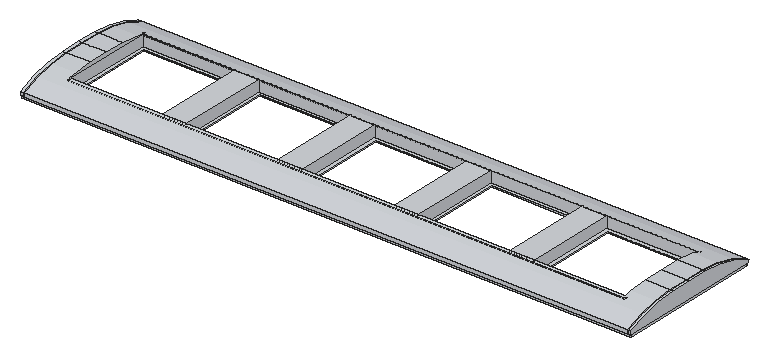
Revit family "Gira_0215768", category Electrical Fixtures, host Face, Revit 2017
Family settings
  Host = Face
  Maintain Annotation Orientation = No
  Round Connector Dimension = Use Diameter
  Part Type = Normal
  Cut with Voids When Loaded = No
  Shared = No
  Room Calculation Point = No
Parameters (values of type "Cov.fr. 5-g interm.fr. AN Gira Event Clear brown")
  With mounting grid = "No"
  With hinged lid = "No"
  URL = "http://katalog.gira.de/en/datenblatt.html?artikelnr=0215768"
  Type of fastening = "Clamp mounting"
  Transparent = "No"
  Surface protection = "Other"
  Surface finishing = "Glossy"
  Suitable for wall duct = "No"
  Suitable for flush-mounted installation = "Yes"
  Suitable for floor box = "No"
  Suitable for built-in installation = "No"
  Number of units vertical = "5"
  Number of units horizontal = "5"
  Number of units = "5"
  Name = "Cov.fr. 5-g interm.fr. AN Gira Event Clear brown"
  Mounting direction = "Horizontal and vertical"
  Material quality = "Thermoplastic"
  Material = "Plastic"
  Manufacturer URL = "https://www.gira.de/"
  Manufacturer = "Gira"
  Label space/information surface = "No"
  Keynote = ""
  HeinzeBIM = "https://bimportal.heinze.de/bim/cov-fr-5-g-interm-fr-an-gira-event-clear-brown/4d7ad605750c2ad1aae1ac3d19d8190cbca55f88"
  Halogen free = "Yes"
  HAN = "0215768"
  GTIN = "4010337069485"
  Description = "Cov.fr.5g i.fr.AN EvCl BN,Gira Event Clear cover frame,brown with anthracite intermediate frame,5-gang,Features:,- Shatter-proof."
  Degree of protection (IP) = "IP20"
  Default Elevation = 1219.2 mm
  Data sheet (1) = "https://katalog.gira.de/en/download.html?artikelnr=0215768"
  Colour = "Brown"
  Category = "Cover frame for domestic switching devices"
  BIM (1) = "https://media.stage.bim.site/public/gira/36a6b08/Event_Rahmen_5fach.rfa"
  Available = "No"
Reference planes
  plane 1 "Center (Front/Back)": y = 0
  plane 2: z = 0
  plane 3 "Center (Left/Right)": x = 0
Forms (mm)
  Extrusion 1, solid, detail levels fine
    sketch origin (0, 0, 0.05) x (0, 1, 0) y (0, 0, 1)
      loop
        arc (12.445, 9.683) -> (6.223, 9.833) -> (0, 9.85) r 291.636
        arc (0, 9.85) -> (-6.223, 9.833) -> (-12.445, 9.683) r 291.636
        arc (-12.445, 9.683) -> (-29.14, 7.482) -> (-45, 1.823) r 79.728
        line (-45, 1.823) -> (-45, -0.05) -> (-42.086, -0.05)
        arc (-42.086, -0.05) -> (-21.385, 5.559) -> (0, 7.206) r 114.424
        arc (0, 7.206) -> (21.385, 5.559) -> (42.086, -0.05) r 114.424
        line (42.086, -0.05) -> (45, -0.05) -> (45, 1.823)
        arc (45, 1.823) -> (29.14, 7.482) -> (12.445, 9.683) r 79.728
    from -185.578 to 185.593
  Extrusion 2, void, detail levels fine
    sketch origin (0, 0, 0) x (1, 0, 0) y (0, 1, 0)
      loop
        line (170.607, 28) -> (-170.593, 28) -> (-170.593, -28) -> (170.607, -28) -> (170.607, 28)
    from 0.724 to 11
  Extrusion 3, solid, detail levels coarse
    sketch origin (0, 0, 0) x (1, 0, 0) y (0, 1, 0)
      loop
        line (-187.578, 45) -> (-187.578, -45) -> (187.593, -45) -> (187.593, 45) -> (-187.578, 45)
    from -1.5 to 9.9
  Extrusion 4, solid, detail levels medium
    sketch origin (0, 0, 0.05) x (0, 1, 0) y (0, 0, 1)
      loop
        arc (12.445, 9.683) -> (6.223, 9.833) -> (0, 9.85) r 291.636
        arc (0, 9.85) -> (-6.223, 9.833) -> (-12.445, 9.683) r 291.636
        arc (-12.445, 9.683) -> (-29.14, 7.482) -> (-45, 1.823) r 79.728
        line (-45, 1.823) -> (-45, -0.05) -> (45, -0.05) -> (45, 1.823)
        arc (45, 1.823) -> (29.14, 7.482) -> (12.445, 9.683) r 79.728
    from -187.578 to 187.593
  Extrusion 5, solid, detail levels fine
    sketch origin (-142.578, 0, -1.5) x (0, 1, 0) y (0, 0, -1)
      loop
        line (45, -3.373) -> (45, -1.5) -> (-45, -1.5) -> (-45, -3.373)
        arc (-45, -3.373) -> (-29.14, -9.032) -> (-12.445, -11.233) r 79.728
        arc (-12.445, -11.233) -> (-6.223, -11.383) -> (0, -11.4) r 291.636
        arc (0, -11.4) -> (6.223, -11.383) -> (12.445, -11.233) r 291.636
        arc (12.445, -11.233) -> (29.14, -9.032) -> (45, -3.373) r 79.728
    from 43 to 45
  Extrusion 6, solid, detail levels fine
    sketch origin (0, 0, 0) x (1, 0, 0) y (0, 1, 0)
      loop
        line (-168.493, 25.7) -> (-168.493, -25.7) -> (-116.693, -25.7) -> (-116.693, 25.7) -> (-168.493, 25.7)
      loop
        line (-45.398, -25.7) -> (-45.398, 25.7) -> (-97.198, 25.7) -> (-97.198, -25.7) -> (-45.398, -25.7)
      loop
        line (-171.487, 28.49) -> (-171.487, -28.495)
        spline (-171.487, -28.495) -> (-171.479, -28.625) -> (-171.453, -28.754) -> (-171.411, -28.878) -> (-171.353, -28.995) -> (-171.281, -29.104) -> (-171.194, -29.202) -> (-171.096, -29.288) -> (-170.987, -29.361) -> (-170.87, -29.419) -> (-170.746, -29.461) -> (-170.618, -29.486) -> (-170.487, -29.495)
        line (-170.487, -29.495) -> (170.502, -29.495)
        spline (170.502, -29.495) -> (170.633, -29.486) -> (170.761, -29.461) -> (170.885, -29.419) -> (171.002, -29.361) -> (171.111, -29.288) -> (171.209, -29.202) -> (171.296, -29.104) -> (171.368, -28.995) -> (171.426, -28.878) -> (171.468, -28.754) -> (171.494, -28.625) -> (171.502, -28.495)
        line (171.502, -28.495) -> (171.502, 28.49)
        spline (171.502, 28.49) -> (171.494, 28.62) -> (171.468, 28.748) -> (171.426, 28.872) -> (171.368, 28.99) -> (171.296, 29.098) -> (171.209, 29.197) -> (171.111, 29.283) -> (171.002, 29.356) -> (170.885, 29.413) -> (170.761, 29.456) -> (170.633, 29.481) -> (170.502, 29.49)
        line (170.502, 29.49) -> (-170.487, 29.49)
        spline (-170.487, 29.49) -> (-170.618, 29.481) -> (-170.746, 29.456) -> (-170.87, 29.413) -> (-170.987, 29.356) -> (-171.096, 29.283) -> (-171.194, 29.197) -> (-171.281, 29.098) -> (-171.353, 28.99) -> (-171.411, 28.872) -> (-171.453, 28.748) -> (-171.479, 28.62) -> (-171.487, 28.49)
      loop
        line (25.902, -25.7) -> (25.902, 25.7) -> (-25.898, 25.7) -> (-25.898, -25.7) -> (25.902, -25.7)
      loop
        line (97.207, -25.7) -> (97.207, 25.7) -> (45.407, 25.7) -> (45.407, -25.7) -> (97.207, -25.7)
      loop
        line (168.507, -25.7) -> (168.507, 25.7) -> (116.707, 25.7) -> (116.707, -25.7) -> (168.507, -25.7)
    from 0.1 to 7.3
  Extrusion 7, solid
    sketch origin (0, 0, 0) x (1, 0, 0) y (0, 1, 0)
      loop
        arc (-187.293, -44.218) -> (-187.146, -44.572) -> (-186.793, -44.718) r 0.5
        line (-186.793, -44.718) -> (186.807, -44.718)
        arc (186.807, -44.718) -> (187.161, -44.572) -> (187.307, -44.218) r 0.5
        line (187.307, -44.218) -> (187.307, 44.182)
        arc (187.307, 44.182) -> (187.161, 44.535) -> (186.807, 44.682) r 0.5
        line (186.807, 44.682) -> (-186.793, 44.682)
        arc (-186.793, 44.682) -> (-187.146, 44.535) -> (-187.293, 44.182) r 0.5
        line (-187.293, 44.182) -> (-187.293, -44.218)
      loop
        line (-185.593, 42.982) -> (-185.593, -43.018) -> (185.607, -43.018) -> (185.607, 42.982) -> (-185.593, 42.982)
    from -1.5 to 0.5
  Extrusion 8, solid, detail levels fine
    sketch origin (142.593, 0, -1.5) x (0, 1, 0) y (0, 0, 1)
      loop
        arc (45, 3.373) -> (29.14, 9.032) -> (12.445, 11.233) r 79.728
        arc (12.445, 11.233) -> (6.223, 11.383) -> (0, 11.4) r 291.636
        arc (0, 11.4) -> (-6.223, 11.383) -> (-12.445, 11.233) r 291.636
        arc (-12.445, 11.233) -> (-29.14, 9.032) -> (-45, 3.373) r 79.728
        line (-45, 3.373) -> (-45, 1.5) -> (45, 1.5) -> (45, 3.373)
    from 43 to 45
  Extrusion 9, solid, detail levels medium
    sketch origin (0, 0, 0) x (1, 0, 0) y (0, 1, 0)
      loop
        line (-187.293, -44.718) -> (187.307, -44.718) -> (187.307, 44.682) -> (-187.293, 44.682) -> (-187.293, -44.718)
    from -1.5 to 0.5
  Extrusion 10, solid, detail levels fine
    sketch origin (-105.5, 0, 0) x (1, 0, 0) y (0, 1, 0)
      loop
        line (-8.943, 28.063) -> (-8.943, -27.937) -> (6.057, -27.937) -> (6.057, 28.063) -> (-8.943, 28.063)
    from 0.724 to 7.566
  Extrusion 11, solid, detail levels fine
    sketch origin (-37.085, 0, 0) x (-1, 0, 0) y (0, -1, 0)
      loop
        line (-8.943, -28.063) -> (6.057, -28.063) -> (6.057, 27.937) -> (-8.943, 27.937) -> (-8.943, -28.063)
    from 0.724 to 7.566
  Extrusion 12, solid, detail levels fine
    sketch origin (105.5, 0, 0) x (-1, 0, 0) y (0, -1, 0)
      loop
        line (-8.943, -28.063) -> (6.057, -28.063) -> (6.057, 27.937) -> (-8.943, 27.937) -> (-8.943, -28.063)
    from 0.724 to 7.566
  Extrusion 13, solid, detail levels fine
    sketch origin (37.085, 0, 0) x (1, 0, 0) y (0, 1, 0)
      loop
        line (-8.943, 28.063) -> (-8.943, -27.937) -> (6.057, -27.937) -> (6.057, 28.063) -> (-8.943, 28.063)
    from 0.724 to 7.566
Cuts and joins
  Extrusion 2 cuts Extrusion 1
  Extrusion 2 cuts Extrusion 6
Dimensions and locks
  aligned and locked: plane 2 to host face
  aligned and locked: level to host face
